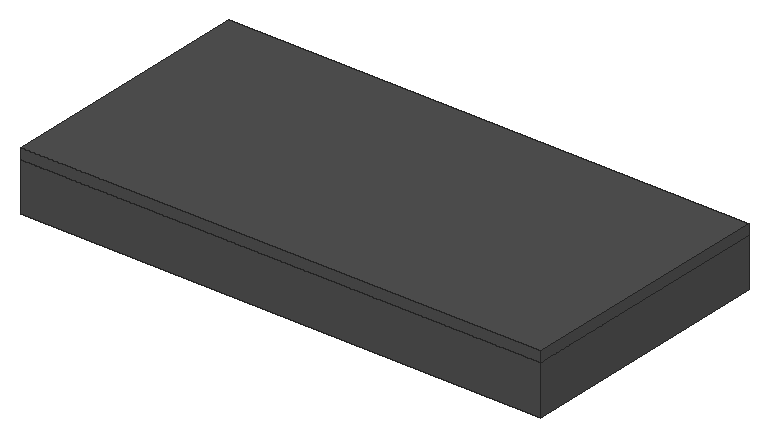
Revit family "6ec66b4de2d74a69afc19ebe702473db", category Lighting Fixtures, host Ceiling, Revit 2021
Family settings
  Host = Ceiling
  Round Connector Dimension = Use Diameter
  Part Type = Normal
  OmniClass Number = 23.80.70.11.14.11
  OmniClass Title = Downlights
  Seek Item ID = Troffer Light - 2x4 Parabolic-0000-USA-ENU
  Always vertical = Yes
  Cut with Voids When Loaded = No
  Light Source = Yes
  Shared = No
  Room Calculation Point = No
Parameters (values of type "2'x4'(2 Lamp) - 120V")
  Wattage = 80 W
  built-in parameter 1150110 = 1 (stored number, unit not read)
  built-in parameter 1114217 = 0.88 (stored number, unit not read)
  built-in parameter 1150109 = 1 (stored number, unit not read)
  built-in parameter 1150134 = 8
  built-in parameter 1150113 = 1 (stored number, unit not read)
  built-in parameter 1150115 = 1 (stored number, unit not read)
  built-in parameter 1150105 = 2005.4 (stored number, unit not read)
  Load Classification = Lighting - Dwelling Unit
  Light Source Symbol Size = 2' - 0"
  built-in parameter 1150137 = 1
  built-in parameter 1150139 = (empty or 0)
  built-in parameter 1150112 = 1 (stored number, unit not read)
  built-in parameter 1150114 = 1 (stored number, unit not read)
  built-in parameter 1150132 = (empty or 0)
  built-in parameter 1150102 = (empty or 0)
  built-in parameter 1150138 = (empty or 0)
  built-in parameter 1150107 = 4230 (stored number, unit not read)
  built-in parameter 1150106 = 20.054 (stored number, unit not read)
  Grid Material = Steel, Paint Finish, Dark Gray, Matte
  Emit from Rectangle Width = 1' - 10"
  Emit from Rectangle Length = 3' - 10"
  Emit Shape Visible in Rendering = no
  built-in parameter 1150104 = 7.3161 (stored number, unit not read)
  Dimming Lamp Color Temperature Shift = <None>
  Default Elevation = 0' - 0"
  Color Filter = 16777215
  built-in parameter 1140040 [instance] = 1
  Ballast Voltage = 120 V
  Ballast Number of Poles = 1
  built-in parameter 1114218 = 0.88 (stored number, unit not read)
  built-in parameter 1150133 = 10 (stored number, unit not read)
  Assembly Code = "D5020210"
  Diffuser Material = Glass, White, High Luminance
  Lamp = "T-12"
  Light Box Material = Steel, Chrome Plated
  Lumens = 6300 lm
  Wattage Comments = ""
  Apparent Load = 80 VA
Types (4): name | Wattage | built-in parameter 1114217 | built-in parameter 1150105 | built-in parameter 1150106 | Ballast Voltage | built-in parameter 1114218 | Lumens | Apparent Load
  2'x4'(2 Lamp) - 120V | 80 W | 0.88 (stored number, unit not read) | 2005.4 (stored number, unit not read) | 20.054 (stored number, unit not read) | 120 V | 0.88 (stored number, unit not read) | 6300 lm | 80 VA
  2'x4'(2 Lamp) - 277V | 80 W | 0.88 (stored number, unit not read) | 2005.4 (stored number, unit not read) | 20.054 (stored number, unit not read) | 277 V | 0.88 (stored number, unit not read) | 6300 lm | 80 VA
  2'x4'(4 Lamp) - 120V | 160 W | 0.95 (stored number, unit not read) | 4010.7 (stored number, unit not read) | 40.107 (stored number, unit not read) | 120 V | 0.95 (stored number, unit not read) | 12600 lm | 160 VA
  2'x4'(4 Lamp) - 277V | 160 W | 0.95 (stored number, unit not read) | 4010.7 (stored number, unit not read) | 40.107 (stored number, unit not read) | 277 V | 0.95 (stored number, unit not read) | 12600 lm | 160 VA
Reference planes (in)
  plane 1 "Light Source Axis": y = -2.34118
  plane 2 "Ceiling": z = 96
  plane 3 "Light Source Axis": x = -0.73636
  plane 4 "Light Source Elevation": z = 96
  plane 5: x = -24.73636
  plane 6: x = 23.26364
  plane 7: y = 9.65882
  plane 8: y = -14.34118
  plane 9: x = -15.98636
  plane 10: x = -8.36136
  plane 11: x = -0.73636
  plane 12: x = 6.88864
  plane 13: x = 14.51364
  plane 14: y = 1.28382
  plane 15: y = -5.96618
  plane 16: y = 8.53382
  plane 17: y = -13.21618
  plane 18: x = -23.61136
  plane 19: x = 22.13864
  plane 20: x = -15.98636
  plane 21: x = -8.36136
  plane 22: x = -0.73636
  plane 23: x = 6.88864
  plane 24: x = 14.51364
  plane 25: y = 1.28382
  plane 26: y = -5.96618
  plane 27: y = 8.53382
  plane 28: y = -13.21618
  plane 29: x = -23.61136
  plane 30: x = 22.13864
Forms (in)
  Extrusion 1, solid, material "Steel, Chrome Plated" <- "Light Box Material"
    sketch origin (0, 0, 96) x (1, 0, 0) y (0, 1, 0)
      loop
        line (-24.73636, 9.65882) -> (-24.73636, -14.34118) -> (23.26364, -14.34118) -> (23.26364, 9.65882) -> (-24.73636, 9.65882)
      loop
        line (-23.73636, 8.65882) -> (-23.73636, -13.34118) -> (22.26364, -13.34118) -> (22.26364, 8.65882) -> (-23.73636, 8.65882)
    from 0 to 4.5
  Extrusion 2, solid, material "Steel, Chrome Plated" <- "Light Box Material"
    sketch origin (0, 0, 96) x (1, 0, 0) y (0, 1, 0)
      loop
        line (-24.73636, 9.65882) -> (-24.73636, -14.34118) -> (23.26364, -14.34118) -> (23.26364, 9.65882) -> (-24.73636, 9.65882)
    from 4.5 to 5.5
  Extrusion 3, solid, material "Glass, White, High Luminance" <- "Diffuser Material"
    sketch origin (0, 0, 96) x (1, 0, 0) y (0, 1, 0)
      loop
        line (-23.73636, 8.65882) -> (-23.73636, -13.34118) -> (22.26364, -13.34118) -> (22.26364, 8.65882) -> (-23.73636, 8.65882)
      loop
        line (-23.48636, 1.40882) -> (-16.11136, 1.40882) -> (-16.11136, 8.40882) -> (-23.48636, 8.40882) -> (-23.48636, 1.40882)
      loop
        line (-23.48636, -5.84118) -> (-16.11136, -5.84118) -> (-16.11136, 1.15882) -> (-23.48636, 1.15882) -> (-23.48636, -5.84118)
      loop
        line (-23.48636, -6.09118) -> (-23.48636, -13.09118) -> (-16.11136, -13.09118) -> (-16.11136, -6.09118) -> (-23.48636, -6.09118)
      loop
        line (-15.86136, 1.40882) -> (-8.48636, 1.40882) -> (-8.48636, 8.40882) -> (-15.86136, 8.40882) -> (-15.86136, 1.40882)
      loop
        line (-15.86136, -5.84118) -> (-8.48636, -5.84118) -> (-8.48636, 1.15882) -> (-15.86136, 1.15882) -> (-15.86136, -5.84118)
      loop
        line (-15.86136, -6.09118) -> (-15.86136, -13.09118) -> (-8.48636, -13.09118) -> (-8.48636, -6.09118) -> (-15.86136, -6.09118)
      loop
        line (-8.23636, 1.40882) -> (-0.86136, 1.40882) -> (-0.86136, 8.40882) -> (-8.23636, 8.40882) -> (-8.23636, 1.40882)
      loop
        line (-8.23636, -5.84118) -> (-0.86136, -5.84118) -> (-0.86136, 1.15882) -> (-8.23636, 1.15882) -> (-8.23636, -5.84118)
      loop
        line (-8.23636, -6.09118) -> (-8.23636, -13.09118) -> (-0.86136, -13.09118) -> (-0.86136, -6.09118) -> (-8.23636, -6.09118)
      loop
        line (-0.61136, 1.40882) -> (6.76364, 1.40882) -> (6.76364, 8.40882) -> (-0.61136, 8.40882) -> (-0.61136, 1.40882)
      loop
        line (-0.61136, -5.84118) -> (6.76364, -5.84118) -> (6.76364, 1.15882) -> (-0.61136, 1.15882) -> (-0.61136, -5.84118)
      loop
        line (-0.61136, -6.09118) -> (-0.61136, -13.09118) -> (6.76364, -13.09118) -> (6.76364, -6.09118) -> (-0.61136, -6.09118)
      loop
        line (7.01364, 1.40882) -> (14.38864, 1.40882) -> (14.38864, 8.40882) -> (7.01364, 8.40882) -> (7.01364, 1.40882)
      loop
        line (7.01364, -5.84118) -> (14.38864, -5.84118) -> (14.38864, 1.15882) -> (7.01364, 1.15882) -> (7.01364, -5.84118)
      loop
        line (7.01364, -6.09118) -> (7.01364, -13.09118) -> (14.38864, -13.09118) -> (14.38864, -6.09118) -> (7.01364, -6.09118)
      loop
        line (14.63864, 1.40882) -> (22.01364, 1.40882) -> (22.01364, 8.40882) -> (14.63864, 8.40882) -> (14.63864, 1.40882)
      loop
        line (14.63864, -5.84118) -> (22.01364, -5.84118) -> (22.01364, 1.15882) -> (14.63864, 1.15882) -> (14.63864, -5.84118)
      loop
        line (14.63864, -6.09118) -> (14.63864, -13.09118) -> (22.01364, -13.09118) -> (22.01364, -6.09118) -> (14.63864, -6.09118)
    from 0.125 to 2
  Extrusion 4, solid, material "Glass, White, High Luminance"
    sketch origin (0, 0, 96) x (1, 0, 0) y (0, 1, 0)
      loop
        line (-23.73636, 8.65882) -> (-23.73636, -13.34118) -> (22.26364, -13.34118) -> (22.26364, 8.65882) -> (-23.73636, 8.65882)
    from 3 to 3.25
  Extrusion 5, solid, material "Steel, Paint Finish, Dark Gray, Matte" <- "Grid Material"
    sketch origin (0, 0, 96) x (1, 0, 0) y (0, 1, 0)
      loop
        line (-23.73636, 8.65882) -> (-23.73636, -13.34118) -> (22.26364, -13.34118) -> (22.26364, 8.65882) -> (-23.73636, 8.65882)
      loop
        line (-23.48636, 1.40882) -> (-16.11136, 1.40882) -> (-16.11136, 8.40882) -> (-23.48636, 8.40882) -> (-23.48636, 1.40882)
      loop
        line (-23.48636, -5.84118) -> (-16.11136, -5.84118) -> (-16.11136, 1.15882) -> (-23.48636, 1.15882) -> (-23.48636, -5.84118)
      loop
        line (-23.48636, -6.09118) -> (-23.48636, -13.09118) -> (-16.11136, -13.09118) -> (-16.11136, -6.09118) -> (-23.48636, -6.09118)
      loop
        line (-15.86136, 1.40882) -> (-8.48636, 1.40882) -> (-8.48636, 8.40882) -> (-15.86136, 8.40882) -> (-15.86136, 1.40882)
      loop
        line (-15.86136, -5.84118) -> (-8.48636, -5.84118) -> (-8.48636, 1.15882) -> (-15.86136, 1.15882) -> (-15.86136, -5.84118)
      loop
        line (-15.86136, -6.09118) -> (-15.86136, -13.09118) -> (-8.48636, -13.09118) -> (-8.48636, -6.09118) -> (-15.86136, -6.09118)
      loop
        line (-8.23636, 1.40882) -> (-0.86136, 1.40882) -> (-0.86136, 8.40882) -> (-8.23636, 8.40882) -> (-8.23636, 1.40882)
      loop
        line (-8.23636, -5.84118) -> (-0.86136, -5.84118) -> (-0.86136, 1.15882) -> (-8.23636, 1.15882) -> (-8.23636, -5.84118)
      loop
        line (-8.23636, -6.09118) -> (-8.23636, -13.09118) -> (-0.86136, -13.09118) -> (-0.86136, -6.09118) -> (-8.23636, -6.09118)
      loop
        line (-0.61136, 1.40882) -> (6.76364, 1.40882) -> (6.76364, 8.40882) -> (-0.61136, 8.40882) -> (-0.61136, 1.40882)
      loop
        line (-0.61136, -5.84118) -> (6.76364, -5.84118) -> (6.76364, 1.15882) -> (-0.61136, 1.15882) -> (-0.61136, -5.84118)
      loop
        line (-0.61136, -6.09118) -> (-0.61136, -13.09118) -> (6.76364, -13.09118) -> (6.76364, -6.09118) -> (-0.61136, -6.09118)
      loop
        line (7.01364, 1.40882) -> (14.38864, 1.40882) -> (14.38864, 8.40882) -> (7.01364, 8.40882) -> (7.01364, 1.40882)
      loop
        line (7.01364, -5.84118) -> (14.38864, -5.84118) -> (14.38864, 1.15882) -> (7.01364, 1.15882) -> (7.01364, -5.84118)
      loop
        line (7.01364, -6.09118) -> (7.01364, -13.09118) -> (14.38864, -13.09118) -> (14.38864, -6.09118) -> (7.01364, -6.09118)
      loop
        line (14.63864, 1.40882) -> (22.01364, 1.40882) -> (22.01364, 8.40882) -> (14.63864, 8.40882) -> (14.63864, 1.40882)
      loop
        line (14.63864, -5.84118) -> (22.01364, -5.84118) -> (22.01364, 1.15882) -> (14.63864, 1.15882) -> (14.63864, -5.84118)
      loop
        line (14.63864, -6.09118) -> (14.63864, -13.09118) -> (22.01364, -13.09118) -> (22.01364, -6.09118) -> (14.63864, -6.09118)
    from 0 to 0.125
Lines and regions (in)
  Opening 1
    outline origin (0, 0, 96) x (1, 0, 0) y (0, 1, 0)
      loop
        line (-24.73636, 9.65882) -> (-24.73636, -14.34118) -> (23.26364, -14.34118) -> (23.26364, 9.65882) -> (-24.73636, 9.65882)
  model lines
    curve 1: line (-23.73636, 8.65882, 96) -> (22.26364, 8.65882, 96)
    curve 2: line (-23.73636, -13.34118, 96) -> (-23.73636, 8.65882, 96)
    curve 3: line (22.26364, -13.34118, 96) -> (-23.73636, -13.34118, 96)
    curve 4: line (22.26364, 8.65882, 96) -> (22.26364, -13.34118, 96)
  symbolic lines
    curve 5: arc (6.46364, -2.34118, 0) -> (-0.73636, 4.85882, 0) -> (-7.93636, -2.34118, 0) r 7.2
    curve 6: arc (-7.93636, -2.34118, 0) -> (-0.73636, -9.54118, 0) -> (6.46364, -2.34118, 0) r 7.2
    curve 7: line (-23.73636, -13.34118, 0) -> (-7.23172, -5.44766, 0)
    curve 8: line (-7.23172, 0.7653, 0) -> (-23.73636, 8.65882, 0)
    curve 9: line (22.26364, 8.65882, 0) -> (5.75901, 0.7653, 0)
    curve 10: line (5.75901, -5.44766, 0) -> (22.26364, -13.34118, 0)
    curve 11: line (-23.73636, 8.65882, 0) -> (22.26364, 8.65882, 0)
    curve 12: line (22.26364, 8.65882, 0) -> (22.26364, -13.34118, 0)
    curve 13: line (22.26364, -13.34118, 0) -> (-23.73636, -13.34118, 0)
    curve 14: line (-23.73636, -13.34118, 0) -> (-23.73636, 8.65882, 0)
Dimensions and locks (in)
  equal spacing: host sketch curve, plane 3 "Light Source Axis", host sketch curve
  equal spacing: host sketch curve, plane 1 "Light Source Axis", host sketch curve
  host sketch curve to host sketch curve = 10' - 0"  (x2)
  equal spacing: plane 5, plane 3 "Light Source Axis", plane 6
  equal spacing: plane 8, plane 1 "Light Source Axis", plane 7
  locked: plane 5 to plane 6 at 48
  locked: plane 8 to plane 7 at 24
  locked: Extrusion 1 sketch curve to Extrusion 1 sketch curve at 1
  equal spacing: plane 16, plane 14, plane 15, plane 17
  equal spacing: plane 27, plane 25, plane 26, plane 28
  aligned and locked: plane 3 "Light Source Axis" to imposter light
  aligned and locked: plane 1 "Light Source Axis" to imposter light
  aligned and locked: plane 4 "Light Source Elevation" to imposter light
  aligned and locked: host ceiling to imposter light
Automatic sketch dimensions
  Opening 1 sketch curve to plane 5 = 0' - 0"
  Opening 1 sketch curve to plane 6 = 0' - 0"
  Opening 1 sketch curve to plane 8 = 0' - 0"
  Opening 1 sketch curve to plane 7 = 0' - 0"
  Extrusion 1 sketch curve to plane 5 = 0' - 0"
  Extrusion 1 sketch curve to plane 6 = 0' - 0"
  Extrusion 1 sketch curve to plane 8 = 0' - 0"
  Extrusion 1 sketch curve to plane 7 = 0' - 0"
  Extrusion 1 sketch curve to plane 5 = 0' - 1"
  plane 6 to Extrusion 1 sketch curve = 0' - 1"
  Extrusion 1 sketch curve to plane 8 = 0' - 1"
  Extrusion 2 sketch curve to plane 5 = 0' - 0"
  Extrusion 2 sketch curve to plane 6 = 0' - 0"
  Extrusion 2 sketch curve to plane 8 = 0' - 0"
  Extrusion 2 sketch curve to plane 7 = 0' - 0"
  plane 18 to Extrusion 3 sketch curve = 0' - 0 1/8"
  Extrusion 3 sketch curve to plane 18 = 0' - 0 1/8"  (x3)
  plane 9 to Extrusion 3 sketch curve = 0' - 0 1/8"  (x3)
  Extrusion 3 sketch curve to plane 9 = 0' - 0 1/8"  (x3)
  plane 10 to Extrusion 3 sketch curve = 0' - 0 1/8"  (x3)
  Extrusion 3 sketch curve to plane 10 = 0' - 0 1/8"  (x3)
  Extrusion 3 sketch curve to plane 3 "Light Source Axis" = 0' - 0 1/8"  (x3)
  plane 3 "Light Source Axis" to Extrusion 3 sketch curve = 0' - 0 1/8"  (x3)
  plane 12 to Extrusion 3 sketch curve = 0' - 0 1/8"  (x3)
  Extrusion 3 sketch curve to plane 12 = 0' - 0 1/8"  (x3)
  plane 13 to Extrusion 3 sketch curve = 0' - 0 1/8"  (x3)
  Extrusion 3 sketch curve to plane 13 = 0' - 0 1/8"  (x3)
  plane 19 to Extrusion 3 sketch curve = 0' - 0 1/8"  (x3)
  Extrusion 3 sketch curve to plane 19 = 0' - 0 1/8"
  Extrusion 3 sketch curve to plane 17 = 0' - 0 1/8"
  plane 17 to Extrusion 3 sketch curve = 0' - 0 1/8"  (x6)
  plane 15 to Extrusion 3 sketch curve = 0' - 0 1/8"  (x6)
  Extrusion 3 sketch curve to plane 15 = 0' - 0 1/8"  (x6)
  plane 14 to Extrusion 3 sketch curve = 0' - 0 1/8"  (x6)
  Extrusion 3 sketch curve to plane 14 = 0' - 0 1/8"  (x6)
  Extrusion 3 sketch curve to plane 16 = 0' - 0 1/8"  (x6)
  plane 16 to Extrusion 3 sketch curve = 0' - 0 1/8"
  Extrusion 4 sketch curve to plane 5 = 0' - 1"
  plane 6 to Extrusion 4 sketch curve = 0' - 1"
  Extrusion 4 sketch curve to plane 8 = 0' - 1"
  plane 7 to Extrusion 4 sketch curve = 0' - 1"
  plane 29 to Extrusion 5 sketch curve = 0' - 0 1/8"
  Extrusion 5 sketch curve to plane 29 = 0' - 0 1/8"  (x3)
  plane 20 to Extrusion 5 sketch curve = 0' - 0 1/8"  (x3)
  Extrusion 5 sketch curve to plane 20 = 0' - 0 1/8"  (x3)
  plane 21 to Extrusion 5 sketch curve = 0' - 0 1/8"  (x3)
  Extrusion 5 sketch curve to plane 21 = 0' - 0 1/8"  (x3)
  plane 23 to Extrusion 5 sketch curve = 0' - 0 1/8"  (x3)
  Extrusion 5 sketch curve to plane 23 = 0' - 0 1/8"  (x3)
  plane 24 to Extrusion 5 sketch curve = 0' - 0 1/8"  (x3)
  Extrusion 5 sketch curve to plane 24 = 0' - 0 1/8"  (x3)
  plane 30 to Extrusion 5 sketch curve = 0' - 0 1/8"  (x3)
  Extrusion 5 sketch curve to plane 30 = 0' - 0 1/8"
  Extrusion 5 sketch curve to plane 28 = 0' - 0 1/8"
  plane 28 to Extrusion 5 sketch curve = 0' - 0 1/8"  (x6)
  plane 26 to Extrusion 5 sketch curve = 0' - 0 1/8"  (x6)
  Extrusion 5 sketch curve to plane 26 = 0' - 0 1/8"  (x6)
  plane 25 to Extrusion 5 sketch curve = 0' - 0 1/8"  (x6)
  Extrusion 5 sketch curve to plane 25 = 0' - 0 1/8"  (x6)
  Extrusion 5 sketch curve to plane 27 = 0' - 0 1/8"  (x6)
  plane 27 to Extrusion 5 sketch curve = 0' - 0 1/8"
  curve 6 to plane 1 "Light Source Axis" = 0' - 0"
  curve 5 to plane 3 "Light Source Axis" = 0' - 0"
  curve 2 to plane 5 = 0' - 1"
  curve 8 to plane 1 "Light Source Axis" = 0' - 3.10648"
  plane 1 "Light Source Axis" to curve 7 = 0' - 3.10648"
  curve 9 to plane 1 "Light Source Axis" = 0' - 3.10648"
  curve 9 to curve 1 = 0' - 0"  (x2)
  plane 1 "Light Source Axis" to curve 10 = 0' - 3.10648"
  plane 6 to curve 1 = 0' - 1"
  curve 10 to curve 3 = 0' - 0"  (x2)
  curve 3 to plane 8 = 0' - 1"
  plane 7 to curve 1 = 0' - 1"
  curve 5 to curve 5 = 0' - 7.2"
  curve 7 to curve 2 = 0' - 0"  (x2)
  curve 8 to curve 1 = 0' - 0"  (x2)
  curve 14 to plane 5 = 0' - 1"
  plane 6 to curve 13 = 0' - 1"
  curve 13 to plane 8 = 0' - 1"
  plane 7 to curve 12 = 0' - 1"
Connectors (in)
  electrical at (-0.73636, -2.34118, 96.125), driven by "Apparent Load", driven by "Ballast Voltage", driven by "Ballast Number of Poles", driven by "Load Classification"
    settings: on Extrusion 3, index 1, voltage 120 V, apparent load 0 VA, apparent load phase1 80 VA, apparent load phase2 0 VA, apparent load phase3 0 VA, power factor 0.95, load classification "Lighting - Dwelling Unit", number of poles 1, system type 31, power factor state 1, is connector primary yes, connector utility no, sub classification motor no, connector description ""
